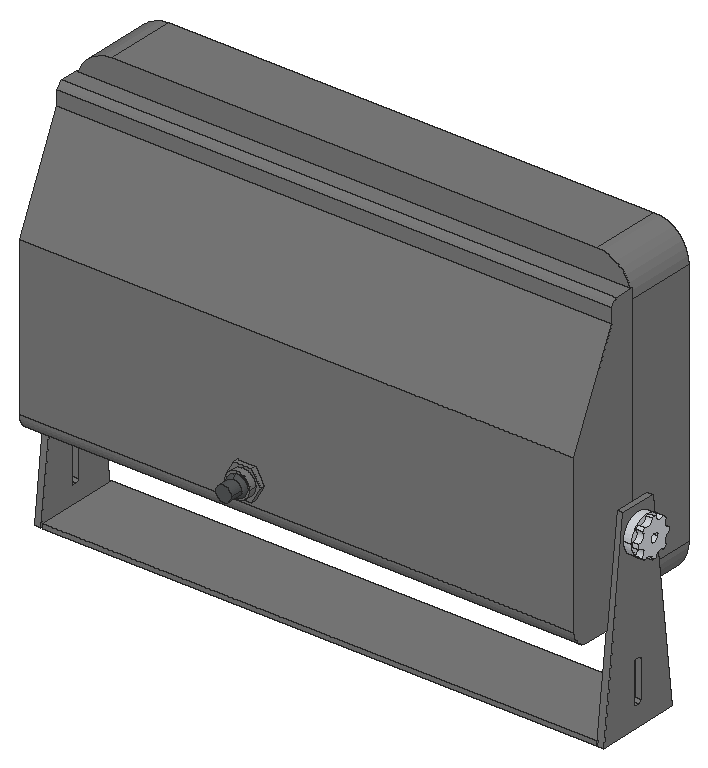
Revit family "WALL WASHER PRO_LV363WW", category Luminarias, Revit 2019
Family settings
  Cota de conector redondo = Diámetro de uso
  Tipo de pieza = Normal
  Se basa en plano de trabajo = Sí
  Siempre vertical = No
  Corte con vacíos al cargar = No
  Origen de luz = Sí
  Compartido = No
  Punto de cálculo de habitación = No
Parameters (values of type "REFL_LV363WW.2545")
  Ángulo de inclinación = 30.00°
  Zone [instance] = ""
  Watt per fixture = 108
  Wattage = 108 W
  built-in parameter 1150107 = 3000 (stored number, unit not read)
  built-in parameter 1150110 = 1 (stored number, unit not read)
  built-in parameter 1150109 = 1 (stored number, unit not read)
  built-in parameter 1150112 = 1 (stored number, unit not read)
  built-in parameter 1150113 = 1 (stored number, unit not read)
  built-in parameter 1114218 = 1 (stored number, unit not read)
  Keynote = ""
  built-in parameter 1150137 = (empty or 0)
  built-in parameter 1150132 = (empty or 0)
  Modelo = "LV363WW.2545"
  Lámpara = "CREE"
  built-in parameter 1150105 = 436.85 (stored number, unit not read)
  built-in parameter 1150102 = (empty or 0)
  built-in parameter 1150106 = 4.3685 (stored number, unit not read)
  Lumens = 5489.64 lm
  Color Filter = 16777215
  built-in parameter 1114217 = 1 (stored number, unit not read)
  built-in parameter 1150139 = (empty or 0)
  Fabricante = "BRILLANT"
  Default Elevation = 0 mm
  built-in parameter 1150104 = 4.7223 (stored number, unit not read)
  Descripción = "LUMINARIA TIPO REFLECTOR MONOCROMATICO, WALL WASHER , CUERPO EN ALUMINIO FUNDIDO A PRESION CON UN PESO DE 10.4KG, CON 453MM DE LARGO POR 333MM DE ALTURA POR 114MM DE ESPESOR, CUENTA CON 36 LED TIPO CREE CON UN CONSUMO TOTAL DE 108W, 5490 LUMENES , IP 66,  CABLE H07RN DE 1.5M, APERTURA ELIPTICA DE 25X45 GRADOS POR PROYECTO, ALIMENTADA A 90-277V."
  built-in parameter 1150115 = 1 (stored number, unit not read)
  built-in parameter 1150114 = 1 (stored number, unit not read)
  Comentarios de vataje = "90-277V"
  built-in parameter 1150138 = (empty or 0)
  built-in parameter 1150134 = (empty or 0)
  Circuit [instance] = ""
  Dimming Lamp Color Temperature Shift = 1
  Archivo de red fotométrica = "LV363WW_25X45.IES"
  built-in parameter 1150133 = 10 (stored number, unit not read)
Reference planes
  plane 1 "Centro (Frontal/Posterior)": y = 0
  plane 2: z = 0
  plane 3 "Centro (Izquierda/Derecha)": x = 0
  plane 4: x = -226.5
  plane 5: x = 226.5
  plane 6: z = 333
  plane 7: x = 0
  plane 8: y = 57
  plane 9: y = -57
  plane 10 "IZQ": x = -39.253
Forms (mm)
  Extrusion 1, solid, material "Aluminio"
    sketch origin (0, 0, 0) x (0, 1, 0) y (0, 0, 1)
      loop
        arc (-15, 311.344) -> (-17.857, 309.228) -> (-19.973, 306.371) r 12.072
        line (-19.973, 306.371) -> (-19.973, 295.012) -> (-57, 215.607) -> (-57, 90.801)
        arc (-57, 90.801) -> (-53.222, 81.679) -> (-44.099, 77.901) r 12.901
        line (-44.099, 77.901) -> (0, 77.901) -> (0, 311.344) -> (-15, 311.344)
    from -219.911 to 221.5
  Extrusion 2, solid, material "Aluminio"
    sketch origin (0, 0, 0) x (0, 1, 0) y (0, 0, -1)
      loop
        line (34.275, 0) -> (-34.275, 0) -> (-14.671, -159.662) -> (14.671, -159.662) -> (34.275, 0)
      loop
        line (-1.599, -49.837) -> (1.599, -49.837)
        arc (1.599, -49.837) -> (3.167, -49.187) -> (3.816, -47.62) r 2.217
        line (3.816, -47.62) -> (3.816, -18.226)
        arc (3.816, -18.226) -> (3.167, -16.658) -> (1.599, -16.009) r 2.217
        line (1.599, -16.009) -> (-1.599, -16.009)
        arc (-1.599, -16.009) -> (-3.167, -16.658) -> (-3.816, -18.226) r 2.217
        line (-3.816, -18.226) -> (-3.816, -47.62)
        arc (-3.816, -47.62) -> (-3.167, -49.187) -> (-1.599, -49.837) r 2.217
    from -226.5 to -221.5
  Extrusion 3, solid, material "Aluminio"
    sketch origin (0, 0, 0) x (1, 0, 0) y (0, 1, 0)
      loop
        line (-219.911, 35) -> (-219.911, -34.275) -> (221.5, -34.275) -> (221.5, 35) -> (-219.911, 35)
    from 0 to 3.546
  Revolve 4, solid
    sketch origin (-190.028, -248.577, 269.956) x (-1, 0, 0) y (0, -1, 0)
      loop
        line (-30.028, -289.911) -> (-30.028, -286.113) -> (-40.845, -286.113)
        arc (-40.845, -286.113) -> (-35.744, -288.888) -> (-30.028, -289.911) r 18.17
      axis (-30.028, -286.113) -> (-30.028, -289.911)
    angle from 0 to 360
  Extrusion 5, solid
    sketch origin (-19.132, 0, -2.987) x (0, 1, 0) y (0, 0, -1)
      loop
        circle (0, -142.5) r 15
    from 207.368 to 214.676
  Extrusion 6, solid
    sketch origin (-19.132, 0, -81.925) x (0, 1, 0) y (0, 0, 1)
      loop
        arc (14.911, 219.803) -> (15, 221.438) -> (14.911, 223.073) r 15
        arc (14.911, 223.073) -> (10.77, 225.899) -> (11.7, 230.825) r 4.579
        arc (11.7, 230.825) -> (10.607, 232.045) -> (9.387, 233.138) r 15
        arc (9.387, 233.138) -> (4.461, 232.208) -> (1.635, 236.349) r 4.579
        arc (1.635, 236.349) -> (0, 236.438) -> (-1.635, 236.349) r 15
        arc (-1.635, 236.349) -> (-4.461, 232.208) -> (-9.387, 233.138) r 4.579
        arc (-9.387, 233.138) -> (-10.607, 232.045) -> (-11.7, 230.825) r 15
        arc (-11.7, 230.825) -> (-10.77, 225.899) -> (-14.911, 223.073) r 4.579
        arc (-14.911, 223.073) -> (-15, 221.438) -> (-14.911, 219.803) r 15
        arc (-14.911, 219.803) -> (-10.77, 216.977) -> (-11.7, 212.051) r 4.579
        arc (-11.7, 212.051) -> (-10.607, 210.832) -> (-9.387, 209.739) r 15
        arc (-9.387, 209.739) -> (-4.461, 210.669) -> (-1.635, 206.528) r 4.579
        arc (-1.635, 206.528) -> (0, 206.438) -> (1.635, 206.528) r 15
        arc (1.635, 206.528) -> (4.461, 210.669) -> (9.387, 209.739) r 4.579
        arc (9.387, 209.739) -> (10.607, 210.832) -> (11.7, 212.051) r 15
        arc (11.7, 212.051) -> (10.77, 216.977) -> (14.911, 219.803) r 4.579
      loop
        circle (0, 221.438) r 3.632
    from -220.417 to -214.676
  Extrusion 7, solid
    sketch origin (19.132, 0, -2.987) x (0, 1, 0) y (0, 0, 1)
      loop
        circle (0, 142.5) r 15
    from 207.368 to 214.676
  Extrusion 8, solid
    sketch origin (19.132, 0, -81.925) x (0, 1, 0) y (0, 0, -1)
      loop
        arc (14.911, -219.803) -> (10.77, -216.977) -> (11.7, -212.051) r 4.579
        arc (11.7, -212.051) -> (10.607, -210.832) -> (9.387, -209.739) r 15
        arc (9.387, -209.739) -> (4.461, -210.669) -> (1.635, -206.528) r 4.579
        arc (1.635, -206.528) -> (0, -206.438) -> (-1.635, -206.528) r 15
        arc (-1.635, -206.528) -> (-4.461, -210.669) -> (-9.387, -209.739) r 4.579
        arc (-9.387, -209.739) -> (-10.607, -210.832) -> (-11.7, -212.051) r 15
        arc (-11.7, -212.051) -> (-10.77, -216.977) -> (-14.911, -219.803) r 4.579
        arc (-14.911, -219.803) -> (-15, -221.438) -> (-14.911, -223.073) r 15
        arc (-14.911, -223.073) -> (-10.77, -225.899) -> (-11.7, -230.825) r 4.579
        arc (-11.7, -230.825) -> (-10.607, -232.045) -> (-9.387, -233.138) r 15
        arc (-9.387, -233.138) -> (-4.461, -232.208) -> (-1.635, -236.349) r 4.579
        arc (-1.635, -236.349) -> (0, -236.438) -> (1.635, -236.349) r 15
        arc (1.635, -236.349) -> (4.461, -232.208) -> (9.387, -233.138) r 4.579
        arc (9.387, -233.138) -> (10.607, -232.045) -> (11.7, -230.825) r 15
        arc (11.7, -230.825) -> (10.77, -225.899) -> (14.911, -223.073) r 4.579
        arc (14.911, -223.073) -> (15, -221.438) -> (14.911, -219.803) r 15
      loop
        circle (0, -221.438) r 3.632
    from -220.417 to -214.676
  Revolve 9, solid
    sketch origin (129.972, -248.577, 269.956) x (-1, 0, 0) y (0, -1, 0)
      loop
        line (-30.028, -289.911) -> (-30.028, -286.113) -> (-40.845, -286.113)
        arc (-40.845, -286.113) -> (-35.744, -288.888) -> (-30.028, -289.911) r 18.17
      axis (-30.028, -286.113) -> (-30.028, -289.911)
    angle from 0 to 360
  Revolve 10, solid
    sketch origin (-158.028, -248.577, 269.956) x (-1, 0, 0) y (0, -1, 0)
      loop
        line (-30.028, -289.911) -> (-30.028, -286.113) -> (-40.845, -286.113)
        arc (-40.845, -286.113) -> (-35.744, -288.888) -> (-30.028, -289.911) r 18.17
      axis (-30.028, -286.113) -> (-30.028, -289.911)
    angle from 0 to 360
  Revolve 11, solid
    sketch origin (-126.028, -248.577, 269.956) x (-1, 0, 0) y (0, -1, 0)
      loop
        line (-30.028, -289.911) -> (-30.028, -286.113) -> (-40.845, -286.113)
        arc (-40.845, -286.113) -> (-35.744, -288.888) -> (-30.028, -289.911) r 18.17
      axis (-30.028, -286.113) -> (-30.028, -289.911)
    angle from 0 to 360
  Revolve 12, solid
    sketch origin (-94.028, -248.577, 269.956) x (-1, 0, 0) y (0, -1, 0)
      loop
        line (-30.028, -289.911) -> (-30.028, -286.113) -> (-40.845, -286.113)
        arc (-40.845, -286.113) -> (-35.744, -288.888) -> (-30.028, -289.911) r 18.17
      axis (-30.028, -286.113) -> (-30.028, -289.911)
    angle from 0 to 360
  Revolve 13, solid
    sketch origin (-62.028, -248.577, 269.956) x (-1, 0, 0) y (0, -1, 0)
      loop
        line (-30.028, -289.911) -> (-30.028, -286.113) -> (-40.845, -286.113)
        arc (-40.845, -286.113) -> (-35.744, -288.888) -> (-30.028, -289.911) r 18.17
      axis (-30.028, -286.113) -> (-30.028, -289.911)
    angle from 0 to 360
  Revolve 14, solid
    sketch origin (-30.028, -248.577, 269.956) x (-1, 0, 0) y (0, -1, 0)
      loop
        line (-30.028, -289.911) -> (-30.028, -286.113) -> (-40.845, -286.113)
        arc (-40.845, -286.113) -> (-35.744, -288.888) -> (-30.028, -289.911) r 18.17
      axis (-30.028, -286.113) -> (-30.028, -289.911)
    angle from 0 to 360
  Revolve 15, solid
    sketch origin (1.972, -248.577, 269.956) x (-1, 0, 0) y (0, -1, 0)
      loop
        line (-30.028, -289.911) -> (-30.028, -286.113) -> (-40.845, -286.113)
        arc (-40.845, -286.113) -> (-35.744, -288.888) -> (-30.028, -289.911) r 18.17
      axis (-30.028, -286.113) -> (-30.028, -289.911)
    angle from 0 to 360
  Revolve 16, solid
    sketch origin (33.972, -248.577, 269.956) x (-1, 0, 0) y (0, -1, 0)
      loop
        line (-30.028, -289.911) -> (-30.028, -286.113) -> (-40.845, -286.113)
        arc (-40.845, -286.113) -> (-35.744, -288.888) -> (-30.028, -289.911) r 18.17
      axis (-30.028, -286.113) -> (-30.028, -289.911)
    angle from 0 to 360
  Revolve 17, solid
    sketch origin (65.972, -248.577, 269.956) x (-1, 0, 0) y (0, -1, 0)
      loop
        line (-30.028, -289.911) -> (-30.028, -286.113) -> (-40.845, -286.113)
        arc (-40.845, -286.113) -> (-35.744, -288.888) -> (-30.028, -289.911) r 18.17
      axis (-30.028, -286.113) -> (-30.028, -289.911)
    angle from 0 to 360
  Revolve 18, solid
    sketch origin (97.972, -248.577, 269.956) x (-1, 0, 0) y (0, -1, 0)
      loop
        line (-30.028, -289.911) -> (-30.028, -286.113) -> (-40.845, -286.113)
        arc (-40.845, -286.113) -> (-35.744, -288.888) -> (-30.028, -289.911) r 18.17
      axis (-30.028, -286.113) -> (-30.028, -289.911)
    angle from 0 to 360
  Revolve 19, solid
    sketch origin (-190.028, -248.577, 229.956) x (-1, 0, 0) y (0, -1, 0)
      loop
        line (-30.028, -289.911) -> (-30.028, -286.113) -> (-40.845, -286.113)
        arc (-40.845, -286.113) -> (-35.744, -288.888) -> (-30.028, -289.911) r 18.17
      axis (-30.028, -286.113) -> (-30.028, -289.911)
    angle from 0 to 360
  Revolve 20, solid
    sketch origin (129.972, -248.577, 229.956) x (-1, 0, 0) y (0, -1, 0)
      loop
        line (-30.028, -289.911) -> (-30.028, -286.113) -> (-40.845, -286.113)
        arc (-40.845, -286.113) -> (-35.744, -288.888) -> (-30.028, -289.911) r 18.17
      axis (-30.028, -286.113) -> (-30.028, -289.911)
    angle from 0 to 360
  Revolve 21, solid
    sketch origin (-158.028, -248.577, 229.956) x (-1, 0, 0) y (0, -1, 0)
      loop
        line (-30.028, -289.911) -> (-30.028, -286.113) -> (-40.845, -286.113)
        arc (-40.845, -286.113) -> (-35.744, -288.888) -> (-30.028, -289.911) r 18.17
      axis (-30.028, -286.113) -> (-30.028, -289.911)
    angle from 0 to 360
  Revolve 22, solid
    sketch origin (-126.028, -248.577, 229.956) x (-1, 0, 0) y (0, -1, 0)
      loop
        line (-30.028, -289.911) -> (-30.028, -286.113) -> (-40.845, -286.113)
        arc (-40.845, -286.113) -> (-35.744, -288.888) -> (-30.028, -289.911) r 18.17
      axis (-30.028, -286.113) -> (-30.028, -289.911)
    angle from 0 to 360
  Revolve 23, solid
    sketch origin (-94.028, -248.577, 229.956) x (-1, 0, 0) y (0, -1, 0)
      loop
        line (-30.028, -289.911) -> (-30.028, -286.113) -> (-40.845, -286.113)
        arc (-40.845, -286.113) -> (-35.744, -288.888) -> (-30.028, -289.911) r 18.17
      axis (-30.028, -286.113) -> (-30.028, -289.911)
    angle from 0 to 360
  Revolve 24, solid
    sketch origin (-62.028, -248.577, 229.956) x (-1, 0, 0) y (0, -1, 0)
      loop
        line (-30.028, -289.911) -> (-30.028, -286.113) -> (-40.845, -286.113)
        arc (-40.845, -286.113) -> (-35.744, -288.888) -> (-30.028, -289.911) r 18.17
      axis (-30.028, -286.113) -> (-30.028, -289.911)
    angle from 0 to 360
  Revolve 25, solid
    sketch origin (-30.028, -248.577, 229.956) x (-1, 0, 0) y (0, -1, 0)
      loop
        line (-30.028, -289.911) -> (-30.028, -286.113) -> (-40.845, -286.113)
        arc (-40.845, -286.113) -> (-35.744, -288.888) -> (-30.028, -289.911) r 18.17
      axis (-30.028, -286.113) -> (-30.028, -289.911)
    angle from 0 to 360
  Revolve 26, solid
    sketch origin (1.972, -248.577, 229.956) x (-1, 0, 0) y (0, -1, 0)
      loop
        line (-30.028, -289.911) -> (-30.028, -286.113) -> (-40.845, -286.113)
        arc (-40.845, -286.113) -> (-35.744, -288.888) -> (-30.028, -289.911) r 18.17
      axis (-30.028, -286.113) -> (-30.028, -289.911)
    angle from 0 to 360
  Revolve 27, solid
    sketch origin (33.972, -248.577, 229.956) x (-1, 0, 0) y (0, -1, 0)
      loop
        line (-30.028, -289.911) -> (-30.028, -286.113) -> (-40.845, -286.113)
        arc (-40.845, -286.113) -> (-35.744, -288.888) -> (-30.028, -289.911) r 18.17
      axis (-30.028, -286.113) -> (-30.028, -289.911)
    angle from 0 to 360
  Revolve 28, solid
    sketch origin (65.972, -248.577, 229.956) x (-1, 0, 0) y (0, -1, 0)
      loop
        line (-30.028, -289.911) -> (-30.028, -286.113) -> (-40.845, -286.113)
        arc (-40.845, -286.113) -> (-35.744, -288.888) -> (-30.028, -289.911) r 18.17
      axis (-30.028, -286.113) -> (-30.028, -289.911)
    angle from 0 to 360
  Revolve 29, solid
    sketch origin (97.972, -248.577, 229.956) x (-1, 0, 0) y (0, -1, 0)
      loop
        line (-30.028, -289.911) -> (-30.028, -286.113) -> (-40.845, -286.113)
        arc (-40.845, -286.113) -> (-35.744, -288.888) -> (-30.028, -289.911) r 18.17
      axis (-30.028, -286.113) -> (-30.028, -289.911)
    angle from 0 to 360
  Revolve 30, solid
    sketch origin (-190.028, -248.577, 189.956) x (-1, 0, 0) y (0, -1, 0)
      loop
        line (-30.028, -289.911) -> (-30.028, -286.113) -> (-40.845, -286.113)
        arc (-40.845, -286.113) -> (-35.744, -288.888) -> (-30.028, -289.911) r 18.17
      axis (-30.028, -286.113) -> (-30.028, -289.911)
    angle from 0 to 360
  Revolve 31, solid
    sketch origin (129.972, -248.577, 189.956) x (-1, 0, 0) y (0, -1, 0)
      loop
        line (-30.028, -289.911) -> (-30.028, -286.113) -> (-40.845, -286.113)
        arc (-40.845, -286.113) -> (-35.744, -288.888) -> (-30.028, -289.911) r 18.17
      axis (-30.028, -286.113) -> (-30.028, -289.911)
    angle from 0 to 360
  Revolve 32, solid
    sketch origin (-158.028, -248.577, 189.956) x (-1, 0, 0) y (0, -1, 0)
      loop
        line (-30.028, -289.911) -> (-30.028, -286.113) -> (-40.845, -286.113)
        arc (-40.845, -286.113) -> (-35.744, -288.888) -> (-30.028, -289.911) r 18.17
      axis (-30.028, -286.113) -> (-30.028, -289.911)
    angle from 0 to 360
  Revolve 33, solid
    sketch origin (-126.028, -248.577, 189.956) x (-1, 0, 0) y (0, -1, 0)
      loop
        line (-30.028, -289.911) -> (-30.028, -286.113) -> (-40.845, -286.113)
        arc (-40.845, -286.113) -> (-35.744, -288.888) -> (-30.028, -289.911) r 18.17
      axis (-30.028, -286.113) -> (-30.028, -289.911)
    angle from 0 to 360
  Revolve 34, solid
    sketch origin (-94.028, -248.577, 189.956) x (-1, 0, 0) y (0, -1, 0)
      loop
        line (-30.028, -289.911) -> (-30.028, -286.113) -> (-40.845, -286.113)
        arc (-40.845, -286.113) -> (-35.744, -288.888) -> (-30.028, -289.911) r 18.17
      axis (-30.028, -286.113) -> (-30.028, -289.911)
    angle from 0 to 360
  Revolve 35, solid
    sketch origin (-62.028, -248.577, 189.956) x (-1, 0, 0) y (0, -1, 0)
      loop
        line (-30.028, -289.911) -> (-30.028, -286.113) -> (-40.845, -286.113)
        arc (-40.845, -286.113) -> (-35.744, -288.888) -> (-30.028, -289.911) r 18.17
      axis (-30.028, -286.113) -> (-30.028, -289.911)
    angle from 0 to 360
  Revolve 36, solid
    sketch origin (-30.028, -248.577, 189.956) x (-1, 0, 0) y (0, -1, 0)
      loop
        line (-30.028, -289.911) -> (-30.028, -286.113) -> (-40.845, -286.113)
        arc (-40.845, -286.113) -> (-35.744, -288.888) -> (-30.028, -289.911) r 18.17
      axis (-30.028, -286.113) -> (-30.028, -289.911)
    angle from 0 to 360
  Revolve 37, solid
    sketch origin (1.972, -248.577, 189.956) x (-1, 0, 0) y (0, -1, 0)
      loop
        line (-30.028, -289.911) -> (-30.028, -286.113) -> (-40.845, -286.113)
        arc (-40.845, -286.113) -> (-35.744, -288.888) -> (-30.028, -289.911) r 18.17
      axis (-30.028, -286.113) -> (-30.028, -289.911)
    angle from 0 to 360
  Revolve 38, solid
    sketch origin (33.972, -248.577, 189.956) x (-1, 0, 0) y (0, -1, 0)
      loop
        line (-30.028, -289.911) -> (-30.028, -286.113) -> (-40.845, -286.113)
        arc (-40.845, -286.113) -> (-35.744, -288.888) -> (-30.028, -289.911) r 18.17
      axis (-30.028, -286.113) -> (-30.028, -289.911)
    angle from 0 to 360
  Revolve 39, solid
    sketch origin (65.972, -248.577, 189.956) x (-1, 0, 0) y (0, -1, 0)
      loop
        line (-30.028, -289.911) -> (-30.028, -286.113) -> (-40.845, -286.113)
        arc (-40.845, -286.113) -> (-35.744, -288.888) -> (-30.028, -289.911) r 18.17
      axis (-30.028, -286.113) -> (-30.028, -289.911)
    angle from 0 to 360
  Revolve 40, solid
    sketch origin (97.972, -248.577, 189.956) x (-1, 0, 0) y (0, -1, 0)
      loop
        line (-30.028, -289.911) -> (-30.028, -286.113) -> (-40.845, -286.113)
        arc (-40.845, -286.113) -> (-35.744, -288.888) -> (-30.028, -289.911) r 18.17
      axis (-30.028, -286.113) -> (-30.028, -289.911)
    angle from 0 to 360
  Revolve 41, solid
    sketch origin (-47.023, -248.577, 137.648) x (-1, 0, 0) y (0, -1, 0)
      loop
        line (-30.028, -289.911) -> (-30.028, -286.113) -> (-36.879, -286.113)
        arc (-36.879, -286.113) -> (-33.928, -288.868) -> (-30.028, -289.911) r 8.331
      axis (-30.028, -286.113) -> (-30.028, -289.911)
    angle from 0 to 360
  Revolve 42, solid
    sketch origin (-69.28, -248.577, 137.648) x (-1, 0, 0) y (0, -1, 0)
      loop
        line (-30.028, -289.911) -> (-30.028, -286.113) -> (-36.879, -286.113)
        arc (-36.879, -286.113) -> (-33.928, -288.868) -> (-30.028, -289.911) r 8.331
      axis (-30.028, -286.113) -> (-30.028, -289.911)
    angle from 0 to 360
  Revolve 43, solid
    sketch origin (47.023, -248.577, 137.648) x (1, 0, 0) y (0, 1, 0)
      loop
        arc (-30.028, 289.911) -> (-33.928, 288.868) -> (-36.879, 286.113) r 8.331
        line (-36.879, 286.113) -> (-30.028, 286.113) -> (-30.028, 289.911)
      axis (-30.028, 286.113) -> (-30.028, 289.911)
    angle from 0 to 360
  Revolve 44, solid
    sketch origin (69.28, -248.577, 137.648) x (1, 0, 0) y (0, 1, 0)
      loop
        arc (-30.028, 289.911) -> (-33.928, 288.868) -> (-36.879, 286.113) r 8.331
        line (-36.879, 286.113) -> (-30.028, 286.113) -> (-30.028, 289.911)
      axis (-30.028, 286.113) -> (-30.028, 289.911)
    angle from 0 to 360
  Extrusion 45, solid, material "Aluminio"
    sketch origin (0, 0, 0) x (0, 1, 0) y (0, 0, 1)
      loop
        line (34.275, 0) -> (14.671, 159.662) -> (-14.671, 159.662) -> (-34.275, 0) -> (34.275, 0)
      loop
        arc (-1.599, 49.837) -> (-3.167, 49.187) -> (-3.816, 47.62) r 2.217
        line (-3.816, 47.62) -> (-3.816, 18.226)
        arc (-3.816, 18.226) -> (-3.167, 16.658) -> (-1.599, 16.009) r 2.217
        line (-1.599, 16.009) -> (1.599, 16.009)
        arc (1.599, 16.009) -> (3.167, 16.658) -> (3.816, 18.226) r 2.217
        line (3.816, 18.226) -> (3.816, 47.62)
        arc (3.816, 47.62) -> (3.167, 49.187) -> (1.599, 49.837) r 2.217
        line (1.599, 49.837) -> (-1.599, 49.837)
    from -226.5 to -221.5
  Extrusion 46, solid, material "Aluminio"
    sketch origin (0, -3.816, 57.007) x (1, 0, 0) y (0, 0, 1)
      loop
        circle (-39.253, 51.253) r 10
    from 57 to 62.744
  Extrusion 47, solid, material "Aluminio"
    sketch origin (0, -3.816, 50.757) x (1, 0, 0) y (0, 0, 1)
      loop
        line (-46.239, 69.604) -> (-53.226, 57.503) -> (-46.239, 45.402) -> (-32.266, 45.402) -> (-25.28, 57.503) -> (-32.266, 69.604) -> (-46.239, 69.604)
    from 53.184 to 57
  Revolve 48, solid, material "Plastico"
    sketch origin (-39.253, -3.816, 50.757) x (0, 0, 1) y (0, -1, 0)
      loop
        line (57.503, 62.744) -> (65.76, 62.744)
        spline (65.76, 62.744) -> (65.69, 63.494) -> (65.479, 64.231) -> (65.132, 64.942) -> (64.654, 65.616) -> (64.054, 66.241) -> (63.342, 66.806) -> (62.53, 67.301) -> (61.632, 67.719) -> (60.663, 68.051) -> (59.64, 68.293) -> (58.581, 68.439) -> (57.503, 68.488)
        line (57.503, 68.488) -> (57.503, 62.744)
      axis (57.503, 62.744) -> (57.503, 68.488)
    angle from 0 to 360
  Extrusion 49, solid, material "Plastico"
    sketch origin (0, -3.816, 80.757) x (1, 0, 0) y (0, 0, 1)
      loop
        circle (-39.253, 27.503) r 6.192
    from 62.744 to 76.136
  Extrusion 50, solid, material "Aluminio"
    sketch origin (0, 0, 0) x (1, 0, 0) y (0, 0, 1)
      loop
        arc (-192.411, 330.5) -> (-211.856, 322.445) -> (-219.911, 303) r 27.5
        line (-219.911, 303) -> (-219.911, 105.401)
        arc (-219.911, 105.401) -> (-211.856, 85.955) -> (-192.411, 77.901) r 27.5
        line (-192.411, 77.901) -> (194, 77.901)
        arc (194, 77.901) -> (213.445, 85.955) -> (221.5, 105.401) r 27.5
        line (221.5, 105.401) -> (221.5, 303)
        arc (221.5, 303) -> (213.445, 322.445) -> (194, 330.5) r 27.5
        line (194, 330.5) -> (-192.411, 330.5)
      loop
        arc (-173.287, 311.344) -> (-190.963, 304.022) -> (-198.284, 286.347) r 24.997
        line (-198.284, 286.347) -> (-198.284, 130.402)
        arc (-198.284, 130.402) -> (-190.963, 112.726) -> (-173.287, 105.405) r 24.997
        line (-173.287, 105.405) -> (173.269, 105.405)
        arc (173.269, 105.405) -> (190.938, 112.724) -> (198.258, 130.394) r 24.989
        line (198.258, 130.394) -> (198.258, 286.36)
        arc (198.258, 286.36) -> (190.94, 304.026) -> (173.273, 311.344) r 24.984
        line (173.273, 311.344) -> (-173.287, 311.344)
    from -57 to 0
  Extrusion 51, solid, material "Cristal"
    sketch origin (0, 0, 0) x (1, 0, 0) y (0, 0, 1)
      loop
        arc (-170.787, 311.343) -> (-188.463, 304.022) -> (-195.784, 286.347) r 24.997
        line (-195.784, 286.347) -> (-195.784, 132.902)
        arc (-195.784, 132.902) -> (-188.463, 115.227) -> (-170.787, 107.906) r 24.996
        line (-170.787, 107.906) -> (170.771, 107.906)
        arc (170.771, 107.906) -> (188.445, 115.226) -> (195.765, 132.9) r 24.994
        line (195.765, 132.9) -> (195.765, 286.348)
        arc (195.765, 286.348) -> (188.444, 304.022) -> (170.77, 311.343) r 24.995
        line (170.77, 311.343) -> (-170.787, 311.343)
    from -57 to -54.932
Dimensions and locks
  equal spacing: plane 4, plane 3 "Centro (Izquierda/Derecha)", plane 5
  plane 4 to plane 5 = 453 mm
  plane 4 to plane 3 "Centro (Izquierda/Derecha)" = 226.5 mm
  plane 6 to plane 2 = 333 mm
  plane 6 to level = 333 mm
  plane 5 to plane 4 = 453 mm
  equal spacing: plane 9, plane 1 "Centro (Frontal/Posterior)", plane 8
  plane 9 to plane 8 = 114 mm
  plane 9 to plane 1 "Centro (Frontal/Posterior)" = 57 mm
  Extrusion 3 to Extrusion 3 = 3.546 mm
  Extrusion 2 to Extrusion 2 = 5 mm
  plane 3 "Centro (Izquierda/Derecha)" to plane 4 = 226.5 mm
  aligned and locked: level to plane 2
  aligned and locked: plane 5 to Extrusion 2
  aligned and locked: Extrusion 49 to Revolve 48
  aligned and locked: Extrusion 46 to Revolve 48
  aligned and locked: Extrusion 50 sketch curve to Extrusion 1  (x3)
  aligned and locked: Extrusion 50 to plane 8
Automatic sketch dimensions
  Extrusion 1 sketch curve to plane 9 = 0 mm
  Extrusion 1 sketch curve to plane 6 = 21.656 mm
  Extrusion 1 sketch curve to plane 1 "Centro (Frontal/Posterior)" = 0 mm
  plane 9 to Extrusion 1 sketch curve = 12.901 mm
  plane 1 "Centro (Frontal/Posterior)" to Extrusion 1 sketch curve = 19.973 mm
  Extrusion 1 sketch curve to Extrusion 1 sketch curve = 4.973 mm
  plane 1 "Centro (Frontal/Posterior)" to Extrusion 1 sketch curve = 9.321 mm
  Extrusion 1 sketch curve to plane 6 = 26.629 mm
  Extrusion 1 sketch curve to Extrusion 1 sketch curve = 11.359 mm
  Extrusion 1 sketch curve to Extrusion 1 sketch curve = 79.405 mm
  level to Extrusion 1 sketch curve = 90.801 mm
  Extrusion 2 sketch curve to level = 0 mm
  plane 9 to Extrusion 2 sketch curve = 22.725 mm
  plane 1 "Centro (Frontal/Posterior)" to Extrusion 2 sketch curve = 14.671 mm
  plane 1 "Centro (Frontal/Posterior)" to Extrusion 2 sketch curve = 3.816 mm
  plane 1 "Centro (Frontal/Posterior)" to Extrusion 2 sketch curve = 1.599 mm  (x2)
  Extrusion 2 sketch curve to plane 1 "Centro (Frontal/Posterior)" = 1.599 mm  (x2)
  Extrusion 2 sketch curve to Extrusion 2 sketch curve = 2.217 mm
  Extrusion 2 sketch curve to plane 1 "Centro (Frontal/Posterior)" = 14.671 mm
  plane 8 to Extrusion 2 sketch curve = 22.725 mm
  level to Extrusion 2 sketch curve = 16.009 mm
  Extrusion 2 sketch curve to Extrusion 2 sketch curve = 29.393 mm
  Extrusion 2 sketch curve to Extrusion 2 sketch curve = 109.825 mm
  plane 9 to Extrusion 3 sketch curve = 22.725 mm
  plane 8 to Extrusion 3 sketch curve = 22 mm
  plane 8 to Revolve 4 sketch curve = 19.464 mm
  plane 4 to Revolve 4 sketch curve = 77.318 mm
  Revolve 4 sketch curve to Revolve 4 sketch curve = 10.818 mm
  Revolve 4 sketch curve to Revolve 4 sketch curve = 0.303 mm
  Revolve 4 sketch curve to Revolve 4 sketch curve = 3.798 mm
  Revolve 4 sketch curve to Revolve 4 sketch curve = 0 mm
  Revolve 4 sketch curve to Revolve 4 sketch curve = 1.294 mm
  Revolve 4 sketch curve to plane 8 = 13.163 mm
  Extrusion 5 sketch curve to plane 1 "Centro (Frontal/Posterior)" = 0 mm
  level to Extrusion 5 sketch curve = 139.513 mm
  Extrusion 6 sketch curve to Extrusion 6 sketch curve = 0 mm  (x77)
  Extrusion 6 sketch curve to plane 1 "Centro (Frontal/Posterior)" = 0 mm
  plane 1 "Centro (Frontal/Posterior)" to Extrusion 6 sketch curve = 6.213 mm  (x2)
  Extrusion 6 sketch curve to Extrusion 6 sketch curve = 8.787 mm  (x5)
  Extrusion 6 sketch curve to plane 1 "Centro (Frontal/Posterior)" = 6.213 mm  (x2)
  level to Extrusion 6 sketch curve = 124.513 mm
  Extrusion 6 sketch curve to Extrusion 6 sketch curve = 15 mm
  Extrusion 6 sketch curve to Extrusion 6 sketch curve = 12.426 mm  (x2)
  plane 1 "Centro (Frontal/Posterior)" to Extrusion 6 sketch curve = 1.635 mm  (x2)
  Extrusion 6 sketch curve to Extrusion 6 sketch curve = 3.174 mm  (x4)
  Extrusion 6 sketch curve to Extrusion 6 sketch curve = 2.312 mm  (x4)
  Extrusion 6 sketch curve to Extrusion 6 sketch curve = 0.089 mm  (x3)
  Extrusion 6 sketch curve to plane 1 "Centro (Frontal/Posterior)" = 1.635 mm  (x2)
  Extrusion 7 sketch curve to plane 1 "Centro (Frontal/Posterior)" = 0 mm
  level to Extrusion 7 sketch curve = 139.513 mm
  Extrusion 8 sketch curve to Extrusion 8 sketch curve = 0 mm  (x77)
  Extrusion 8 sketch curve to plane 1 "Centro (Frontal/Posterior)" = 0 mm
  plane 1 "Centro (Frontal/Posterior)" to Extrusion 8 sketch curve = 6.213 mm  (x2)
  Extrusion 8 sketch curve to Extrusion 8 sketch curve = 8.787 mm  (x5)
  Extrusion 8 sketch curve to plane 1 "Centro (Frontal/Posterior)" = 6.213 mm  (x2)
  level to Extrusion 8 sketch curve = 154.513 mm
  Extrusion 8 sketch curve to Extrusion 8 sketch curve = 15 mm
  Extrusion 8 sketch curve to Extrusion 8 sketch curve = 12.426 mm  (x2)
  plane 1 "Centro (Frontal/Posterior)" to Extrusion 8 sketch curve = 1.635 mm  (x2)
  Extrusion 8 sketch curve to Extrusion 8 sketch curve = 3.174 mm  (x4)
  Extrusion 8 sketch curve to Extrusion 8 sketch curve = 2.312 mm  (x4)
  Extrusion 8 sketch curve to Extrusion 8 sketch curve = 0.089 mm  (x3)
  Extrusion 8 sketch curve to plane 1 "Centro (Frontal/Posterior)" = 1.635 mm  (x2)
  plane 8 to Revolve 9 sketch curve = 19.464 mm
  Revolve 9 sketch curve to plane 5 = 55.682 mm
  Revolve 9 sketch curve to Revolve 9 sketch curve = 10.818 mm
  Revolve 9 sketch curve to Revolve 9 sketch curve = 0.303 mm
  Revolve 9 sketch curve to Revolve 9 sketch curve = 3.798 mm
  Revolve 9 sketch curve to Revolve 9 sketch curve = 0 mm
  Revolve 9 sketch curve to Revolve 9 sketch curve = 1.294 mm
  Revolve 9 sketch curve to plane 8 = 13.163 mm
  plane 8 to Revolve 10 sketch curve = 19.464 mm
  Revolve 10 sketch curve to plane 10 "IZQ" = 77.929 mm
  Revolve 10 sketch curve to Revolve 10 sketch curve = 10.818 mm
  Revolve 10 sketch curve to Revolve 10 sketch curve = 0.303 mm
  Revolve 10 sketch curve to Revolve 10 sketch curve = 3.798 mm
  Revolve 10 sketch curve to Revolve 10 sketch curve = 0 mm
  Revolve 10 sketch curve to Revolve 10 sketch curve = 1.294 mm
  Revolve 10 sketch curve to plane 8 = 13.163 mm
  plane 8 to Revolve 11 sketch curve = 19.464 mm
  Revolve 11 sketch curve to plane 10 "IZQ" = 45.929 mm
  Revolve 11 sketch curve to Revolve 11 sketch curve = 10.818 mm
  Revolve 11 sketch curve to Revolve 11 sketch curve = 0.303 mm
  Revolve 11 sketch curve to Revolve 11 sketch curve = 3.798 mm
  Revolve 11 sketch curve to Revolve 11 sketch curve = 0 mm
  Revolve 11 sketch curve to Revolve 11 sketch curve = 1.294 mm
  Revolve 11 sketch curve to plane 8 = 13.163 mm
  Revolve 12 sketch curve to plane 10 "IZQ" = 13.929 mm
  Revolve 12 sketch curve to Revolve 12 sketch curve = 10.818 mm
  Revolve 12 sketch curve to Revolve 12 sketch curve = 0.303 mm
  plane 8 to Revolve 12 sketch curve = 15.666 mm
  Revolve 12 sketch curve to Revolve 12 sketch curve = 3.798 mm
  Revolve 12 sketch curve to Revolve 12 sketch curve = 0 mm
  Revolve 12 sketch curve to Revolve 12 sketch curve = 1.294 mm
  Revolve 12 sketch curve to plane 8 = 13.163 mm
  plane 10 "IZQ" to Revolve 13 sketch curve = 18.071 mm
  plane 10 "IZQ" to Revolve 13 sketch curve = 7.253 mm
  plane 10 "IZQ" to Revolve 13 sketch curve = 6.95 mm
  plane 8 to Revolve 13 sketch curve = 15.666 mm
  Revolve 13 sketch curve to Revolve 13 sketch curve = 3.798 mm
  Revolve 13 sketch curve to Revolve 13 sketch curve = 0 mm
  Revolve 13 sketch curve to Revolve 13 sketch curve = 1.294 mm
  Revolve 13 sketch curve to plane 8 = 13.163 mm
  Revolve 14 sketch curve to plane 3 "Centro (Izquierda/Derecha)" = 0 mm  (x2)
  Revolve 14 sketch curve to Revolve 14 sketch curve = 10.818 mm
  Revolve 14 sketch curve to plane 3 "Centro (Izquierda/Derecha)" = 0.303 mm
  plane 8 to Revolve 14 sketch curve = 15.666 mm
  Revolve 14 sketch curve to Revolve 14 sketch curve = 3.798 mm
  Revolve 14 sketch curve to Revolve 14 sketch curve = 1.294 mm
  Revolve 14 sketch curve to plane 8 = 13.163 mm
  plane 8 to Revolve 15 sketch curve = 19.464 mm
  plane 3 "Centro (Izquierda/Derecha)" to Revolve 15 sketch curve = 42.818 mm
  Revolve 15 sketch curve to Revolve 15 sketch curve = 10.818 mm
  Revolve 15 sketch curve to Revolve 15 sketch curve = 0.303 mm
  Revolve 15 sketch curve to Revolve 15 sketch curve = 3.798 mm
  Revolve 15 sketch curve to Revolve 15 sketch curve = 0 mm
  Revolve 15 sketch curve to Revolve 15 sketch curve = 1.294 mm
  Revolve 15 sketch curve to plane 8 = 13.163 mm
  plane 8 to Revolve 16 sketch curve = 19.464 mm
  plane 3 "Centro (Izquierda/Derecha)" to Revolve 16 sketch curve = 74.818 mm
  Revolve 16 sketch curve to Revolve 16 sketch curve = 10.818 mm
  Revolve 16 sketch curve to Revolve 16 sketch curve = 0.303 mm
  Revolve 16 sketch curve to Revolve 16 sketch curve = 3.798 mm
  Revolve 16 sketch curve to Revolve 16 sketch curve = 0 mm
  Revolve 16 sketch curve to Revolve 16 sketch curve = 1.294 mm
  Revolve 16 sketch curve to plane 8 = 13.163 mm
  plane 8 to Revolve 17 sketch curve = 19.464 mm
  plane 3 "Centro (Izquierda/Derecha)" to Revolve 17 sketch curve = 106.818 mm
  Revolve 17 sketch curve to Revolve 17 sketch curve = 10.818 mm
  Revolve 17 sketch curve to Revolve 17 sketch curve = 0.303 mm
  Revolve 17 sketch curve to Revolve 17 sketch curve = 3.798 mm
  Revolve 17 sketch curve to Revolve 17 sketch curve = 0 mm
  Revolve 17 sketch curve to Revolve 17 sketch curve = 1.294 mm
  Revolve 17 sketch curve to plane 8 = 13.163 mm
  plane 8 to Revolve 18 sketch curve = 19.464 mm
  Revolve 18 sketch curve to plane 5 = 87.682 mm
  Revolve 18 sketch curve to Revolve 18 sketch curve = 10.818 mm
  Revolve 18 sketch curve to Revolve 18 sketch curve = 0.303 mm
  Revolve 18 sketch curve to Revolve 18 sketch curve = 3.798 mm
  Revolve 18 sketch curve to Revolve 18 sketch curve = 0 mm
  Revolve 18 sketch curve to Revolve 18 sketch curve = 1.294 mm
  Revolve 18 sketch curve to plane 8 = 13.163 mm
  plane 8 to Revolve 19 sketch curve = 19.464 mm
  plane 4 to Revolve 19 sketch curve = 77.318 mm
  Revolve 19 sketch curve to Revolve 19 sketch curve = 10.818 mm
  Revolve 19 sketch curve to Revolve 19 sketch curve = 0.303 mm
  Revolve 19 sketch curve to Revolve 19 sketch curve = 3.798 mm
  Revolve 19 sketch curve to Revolve 19 sketch curve = 0 mm
  Revolve 19 sketch curve to Revolve 19 sketch curve = 1.294 mm
  Revolve 19 sketch curve to plane 8 = 13.163 mm
  plane 8 to Revolve 20 sketch curve = 19.464 mm
  Revolve 20 sketch curve to plane 5 = 55.682 mm
  Revolve 20 sketch curve to Revolve 20 sketch curve = 10.818 mm
  Revolve 20 sketch curve to Revolve 20 sketch curve = 0.303 mm
  Revolve 20 sketch curve to Revolve 20 sketch curve = 3.798 mm
  Revolve 20 sketch curve to Revolve 20 sketch curve = 0 mm
  Revolve 20 sketch curve to Revolve 20 sketch curve = 1.294 mm
  Revolve 20 sketch curve to plane 8 = 13.163 mm
  plane 8 to Revolve 21 sketch curve = 19.464 mm
  Revolve 21 sketch curve to plane 10 "IZQ" = 77.929 mm
  Revolve 21 sketch curve to Revolve 21 sketch curve = 10.818 mm
  Revolve 21 sketch curve to Revolve 21 sketch curve = 0.303 mm
  Revolve 21 sketch curve to Revolve 21 sketch curve = 3.798 mm
  Revolve 21 sketch curve to Revolve 21 sketch curve = 0 mm
  Revolve 21 sketch curve to Revolve 21 sketch curve = 1.294 mm
  Revolve 21 sketch curve to plane 8 = 13.163 mm
  plane 8 to Revolve 22 sketch curve = 19.464 mm
  Revolve 22 sketch curve to plane 10 "IZQ" = 45.929 mm
  Revolve 22 sketch curve to Revolve 22 sketch curve = 10.818 mm
  Revolve 22 sketch curve to Revolve 22 sketch curve = 0.303 mm
  Revolve 22 sketch curve to Revolve 22 sketch curve = 3.798 mm
  Revolve 22 sketch curve to Revolve 22 sketch curve = 0 mm
  Revolve 22 sketch curve to Revolve 22 sketch curve = 1.294 mm
  Revolve 22 sketch curve to plane 8 = 13.163 mm
  Revolve 23 sketch curve to plane 10 "IZQ" = 13.929 mm
  Revolve 23 sketch curve to Revolve 23 sketch curve = 10.818 mm
  Revolve 23 sketch curve to Revolve 23 sketch curve = 0.303 mm
  plane 8 to Revolve 23 sketch curve = 15.666 mm
  Revolve 23 sketch curve to Revolve 23 sketch curve = 3.798 mm
  Revolve 23 sketch curve to Revolve 23 sketch curve = 0 mm
  Revolve 23 sketch curve to Revolve 23 sketch curve = 1.294 mm
  Revolve 23 sketch curve to plane 8 = 13.163 mm
  plane 10 "IZQ" to Revolve 24 sketch curve = 18.071 mm
  plane 10 "IZQ" to Revolve 24 sketch curve = 7.253 mm
  plane 10 "IZQ" to Revolve 24 sketch curve = 6.95 mm
  plane 8 to Revolve 24 sketch curve = 15.666 mm
  Revolve 24 sketch curve to Revolve 24 sketch curve = 3.798 mm
  Revolve 24 sketch curve to Revolve 24 sketch curve = 0 mm
  Revolve 24 sketch curve to Revolve 24 sketch curve = 1.294 mm
  Revolve 24 sketch curve to plane 8 = 13.163 mm
  Revolve 25 sketch curve to plane 3 "Centro (Izquierda/Derecha)" = 0 mm  (x2)
  Revolve 25 sketch curve to Revolve 25 sketch curve = 10.818 mm
  Revolve 25 sketch curve to plane 3 "Centro (Izquierda/Derecha)" = 0.303 mm
  plane 8 to Revolve 25 sketch curve = 15.666 mm
  Revolve 25 sketch curve to Revolve 25 sketch curve = 3.798 mm
  Revolve 25 sketch curve to Revolve 25 sketch curve = 1.294 mm
  Revolve 25 sketch curve to plane 8 = 13.163 mm
  plane 8 to Revolve 26 sketch curve = 19.464 mm
  plane 3 "Centro (Izquierda/Derecha)" to Revolve 26 sketch curve = 42.818 mm
  Revolve 26 sketch curve to Revolve 26 sketch curve = 10.818 mm
  Revolve 26 sketch curve to Revolve 26 sketch curve = 0.303 mm
  Revolve 26 sketch curve to Revolve 26 sketch curve = 3.798 mm
  Revolve 26 sketch curve to Revolve 26 sketch curve = 0 mm
  Revolve 26 sketch curve to Revolve 26 sketch curve = 1.294 mm
  Revolve 26 sketch curve to plane 8 = 13.163 mm
  plane 8 to Revolve 27 sketch curve = 19.464 mm
  plane 3 "Centro (Izquierda/Derecha)" to Revolve 27 sketch curve = 74.818 mm
  Revolve 27 sketch curve to Revolve 27 sketch curve = 10.818 mm
  Revolve 27 sketch curve to Revolve 27 sketch curve = 0.303 mm
  Revolve 27 sketch curve to Revolve 27 sketch curve = 3.798 mm
  Revolve 27 sketch curve to Revolve 27 sketch curve = 0 mm
  Revolve 27 sketch curve to Revolve 27 sketch curve = 1.294 mm
  Revolve 27 sketch curve to plane 8 = 13.163 mm
  plane 8 to Revolve 28 sketch curve = 19.464 mm
  plane 3 "Centro (Izquierda/Derecha)" to Revolve 28 sketch curve = 106.818 mm
  Revolve 28 sketch curve to Revolve 28 sketch curve = 10.818 mm
  Revolve 28 sketch curve to Revolve 28 sketch curve = 0.303 mm
  Revolve 28 sketch curve to Revolve 28 sketch curve = 3.798 mm
  Revolve 28 sketch curve to Revolve 28 sketch curve = 0 mm
  Revolve 28 sketch curve to Revolve 28 sketch curve = 1.294 mm
  Revolve 28 sketch curve to plane 8 = 13.163 mm
  plane 8 to Revolve 29 sketch curve = 19.464 mm
  Revolve 29 sketch curve to plane 5 = 87.682 mm
  Revolve 29 sketch curve to Revolve 29 sketch curve = 10.818 mm
  Revolve 29 sketch curve to Revolve 29 sketch curve = 0.303 mm
  Revolve 29 sketch curve to Revolve 29 sketch curve = 3.798 mm
  Revolve 29 sketch curve to Revolve 29 sketch curve = 0 mm
  Revolve 29 sketch curve to Revolve 29 sketch curve = 1.294 mm
  Revolve 29 sketch curve to plane 8 = 13.163 mm
  plane 8 to Revolve 30 sketch curve = 19.464 mm
  plane 4 to Revolve 30 sketch curve = 77.318 mm
  Revolve 30 sketch curve to Revolve 30 sketch curve = 10.818 mm
  Revolve 30 sketch curve to Revolve 30 sketch curve = 0.303 mm
  Revolve 30 sketch curve to Revolve 30 sketch curve = 3.798 mm
  Revolve 30 sketch curve to Revolve 30 sketch curve = 0 mm
  Revolve 30 sketch curve to Revolve 30 sketch curve = 1.294 mm
  Revolve 30 sketch curve to plane 8 = 13.163 mm
  plane 8 to Revolve 31 sketch curve = 19.464 mm
  Revolve 31 sketch curve to plane 5 = 55.682 mm
  Revolve 31 sketch curve to Revolve 31 sketch curve = 10.818 mm
  Revolve 31 sketch curve to Revolve 31 sketch curve = 0.303 mm
  Revolve 31 sketch curve to Revolve 31 sketch curve = 3.798 mm
  Revolve 31 sketch curve to Revolve 31 sketch curve = 0 mm
  Revolve 31 sketch curve to Revolve 31 sketch curve = 1.294 mm
  Revolve 31 sketch curve to plane 8 = 13.163 mm
  plane 8 to Revolve 32 sketch curve = 19.464 mm
  Revolve 32 sketch curve to plane 10 "IZQ" = 77.929 mm
  Revolve 32 sketch curve to Revolve 32 sketch curve = 10.818 mm
  Revolve 32 sketch curve to Revolve 32 sketch curve = 0.303 mm
  Revolve 32 sketch curve to Revolve 32 sketch curve = 3.798 mm
  Revolve 32 sketch curve to Revolve 32 sketch curve = 0 mm
  Revolve 32 sketch curve to Revolve 32 sketch curve = 1.294 mm
  Revolve 32 sketch curve to plane 8 = 13.163 mm
  plane 8 to Revolve 33 sketch curve = 19.464 mm
  Revolve 33 sketch curve to plane 10 "IZQ" = 45.929 mm
  Revolve 33 sketch curve to Revolve 33 sketch curve = 10.818 mm
  Revolve 33 sketch curve to Revolve 33 sketch curve = 0.303 mm
  Revolve 33 sketch curve to Revolve 33 sketch curve = 3.798 mm
  Revolve 33 sketch curve to Revolve 33 sketch curve = 0 mm
  Revolve 33 sketch curve to Revolve 33 sketch curve = 1.294 mm
  Revolve 33 sketch curve to plane 8 = 13.163 mm
  Revolve 34 sketch curve to plane 10 "IZQ" = 13.929 mm
  Revolve 34 sketch curve to Revolve 34 sketch curve = 10.818 mm
  Revolve 34 sketch curve to Revolve 34 sketch curve = 0.303 mm
  plane 8 to Revolve 34 sketch curve = 15.666 mm
  Revolve 34 sketch curve to Revolve 34 sketch curve = 3.798 mm
  Revolve 34 sketch curve to Revolve 34 sketch curve = 0 mm
  Revolve 34 sketch curve to Revolve 34 sketch curve = 1.294 mm
  Revolve 34 sketch curve to plane 8 = 13.163 mm
  plane 10 "IZQ" to Revolve 35 sketch curve = 18.071 mm
  plane 10 "IZQ" to Revolve 35 sketch curve = 7.253 mm
  plane 10 "IZQ" to Revolve 35 sketch curve = 6.95 mm
  plane 8 to Revolve 35 sketch curve = 15.666 mm
  Revolve 35 sketch curve to Revolve 35 sketch curve = 3.798 mm
  Revolve 35 sketch curve to Revolve 35 sketch curve = 0 mm
  Revolve 35 sketch curve to Revolve 35 sketch curve = 1.294 mm
  Revolve 35 sketch curve to plane 8 = 13.163 mm
  Revolve 36 sketch curve to plane 3 "Centro (Izquierda/Derecha)" = 0 mm  (x2)
  plane 3 "Centro (Izquierda/Derecha)" to Revolve 36 sketch curve = 10.818 mm
  Revolve 36 sketch curve to plane 3 "Centro (Izquierda/Derecha)" = 0.303 mm
  plane 8 to Revolve 36 sketch curve = 15.666 mm
  Revolve 36 sketch curve to Revolve 36 sketch curve = 3.798 mm
  Revolve 36 sketch curve to Revolve 36 sketch curve = 1.294 mm
  Revolve 36 sketch curve to plane 8 = 13.163 mm
  plane 8 to Revolve 37 sketch curve = 19.464 mm
  plane 3 "Centro (Izquierda/Derecha)" to Revolve 37 sketch curve = 42.818 mm
  Revolve 37 sketch curve to Revolve 37 sketch curve = 10.818 mm
  Revolve 37 sketch curve to Revolve 37 sketch curve = 0.303 mm
  Revolve 37 sketch curve to Revolve 37 sketch curve = 3.798 mm
  Revolve 37 sketch curve to Revolve 37 sketch curve = 0 mm
  Revolve 37 sketch curve to Revolve 37 sketch curve = 1.294 mm
  Revolve 37 sketch curve to plane 8 = 13.163 mm
  plane 8 to Revolve 38 sketch curve = 19.464 mm
  plane 3 "Centro (Izquierda/Derecha)" to Revolve 38 sketch curve = 74.818 mm
  Revolve 38 sketch curve to Revolve 38 sketch curve = 10.818 mm
  Revolve 38 sketch curve to Revolve 38 sketch curve = 0.303 mm
  Revolve 38 sketch curve to Revolve 38 sketch curve = 3.798 mm
  Revolve 38 sketch curve to Revolve 38 sketch curve = 0 mm
  Revolve 38 sketch curve to Revolve 38 sketch curve = 1.294 mm
  Revolve 38 sketch curve to plane 8 = 13.163 mm
  plane 8 to Revolve 39 sketch curve = 19.464 mm
  plane 3 "Centro (Izquierda/Derecha)" to Revolve 39 sketch curve = 106.818 mm
  Revolve 39 sketch curve to Revolve 39 sketch curve = 10.818 mm
  Revolve 39 sketch curve to Revolve 39 sketch curve = 0.303 mm
  Revolve 39 sketch curve to Revolve 39 sketch curve = 3.798 mm
  Revolve 39 sketch curve to Revolve 39 sketch curve = 0 mm
  Revolve 39 sketch curve to Revolve 39 sketch curve = 1.294 mm
  Revolve 39 sketch curve to plane 8 = 13.163 mm
  plane 8 to Revolve 40 sketch curve = 19.464 mm
  Revolve 40 sketch curve to plane 5 = 87.682 mm
  Revolve 40 sketch curve to Revolve 40 sketch curve = 10.818 mm
  Revolve 40 sketch curve to Revolve 40 sketch curve = 0.303 mm
  Revolve 40 sketch curve to Revolve 40 sketch curve = 3.798 mm
  Revolve 40 sketch curve to Revolve 40 sketch curve = 0 mm
  Revolve 40 sketch curve to Revolve 40 sketch curve = 1.294 mm
  Revolve 40 sketch curve to plane 8 = 13.163 mm
  Revolve 41 sketch curve to plane 3 "Centro (Izquierda/Derecha)" = 10.144 mm
  Revolve 41 sketch curve to Revolve 41 sketch curve = 6.852 mm
  Revolve 41 sketch curve to Revolve 41 sketch curve = 0.139 mm
  plane 8 to Revolve 41 sketch curve = 15.666 mm
  Revolve 41 sketch curve to Revolve 41 sketch curve = 3.798 mm
  Revolve 41 sketch curve to Revolve 41 sketch curve = 0 mm
  Revolve 41 sketch curve to Revolve 41 sketch curve = 1.294 mm
  Revolve 41 sketch curve to plane 8 = 13.163 mm
  Revolve 42 sketch curve to plane 10 "IZQ" = 0 mm  (x2)
  Revolve 42 sketch curve to Revolve 42 sketch curve = 6.852 mm
  Revolve 42 sketch curve to plane 10 "IZQ" = 0.139 mm
  plane 8 to Revolve 42 sketch curve = 15.666 mm
  Revolve 42 sketch curve to Revolve 42 sketch curve = 3.798 mm
  Revolve 42 sketch curve to Revolve 42 sketch curve = 1.294 mm
  Revolve 42 sketch curve to plane 8 = 13.163 mm
  plane 3 "Centro (Izquierda/Derecha)" to Revolve 43 sketch curve = 10.144 mm
  Revolve 43 sketch curve to Revolve 43 sketch curve = 6.852 mm
  Revolve 43 sketch curve to Revolve 43 sketch curve = 0.139 mm
  plane 8 to Revolve 43 sketch curve = 23.996 mm
  Revolve 43 sketch curve to Revolve 43 sketch curve = 4.532 mm
  Revolve 43 sketch curve to Revolve 43 sketch curve = 0 mm
  Revolve 43 sketch curve to Revolve 43 sketch curve = 1.294 mm
  Revolve 43 sketch curve to plane 8 = 13.163 mm
  plane 3 "Centro (Izquierda/Derecha)" to Revolve 44 sketch curve = 32.401 mm
  Revolve 44 sketch curve to Revolve 44 sketch curve = 6.852 mm
  Revolve 44 sketch curve to Revolve 44 sketch curve = 0.139 mm
  plane 8 to Revolve 44 sketch curve = 23.996 mm
  Revolve 44 sketch curve to Revolve 44 sketch curve = 4.532 mm
  Revolve 44 sketch curve to Revolve 44 sketch curve = 0 mm
  Revolve 44 sketch curve to Revolve 44 sketch curve = 1.294 mm
  Revolve 44 sketch curve to plane 8 = 13.163 mm
  Extrusion 45 sketch curve to level = 0 mm
  plane 9 to Extrusion 45 sketch curve = 22.725 mm
  plane 1 "Centro (Frontal/Posterior)" to Extrusion 45 sketch curve = 14.671 mm
  plane 1 "Centro (Frontal/Posterior)" to Extrusion 45 sketch curve = 3.816 mm
  plane 1 "Centro (Frontal/Posterior)" to Extrusion 45 sketch curve = 1.599 mm  (x2)
  Extrusion 45 sketch curve to plane 1 "Centro (Frontal/Posterior)" = 1.599 mm  (x2)
  Extrusion 45 sketch curve to Extrusion 45 sketch curve = 2.217 mm
  Extrusion 45 sketch curve to plane 1 "Centro (Frontal/Posterior)" = 14.671 mm
  plane 8 to Extrusion 45 sketch curve = 22.725 mm
  level to Extrusion 45 sketch curve = 16.009 mm
  Extrusion 45 sketch curve to Extrusion 45 sketch curve = 29.393 mm
  Extrusion 45 sketch curve to Extrusion 45 sketch curve = 109.825 mm
  plane 10 "IZQ" to Extrusion 46 sketch curve = 0 mm
  level to Extrusion 46 sketch curve = 108.26 mm
  Extrusion 47 sketch curve to plane 10 "IZQ" = 13.973 mm
  Extrusion 47 sketch curve to plane 10 "IZQ" = 6.986 mm  (x2)
  plane 10 "IZQ" to Extrusion 47 sketch curve = 6.986 mm  (x2)
  Extrusion 47 sketch curve to Extrusion 47 sketch curve = 6.986 mm
  level to Extrusion 47 sketch curve = 96.159 mm
  Extrusion 47 sketch curve to Extrusion 47 sketch curve = 12.101 mm  (x3)
  Revolve 48 sketch curve to plane 9 = 9.56 mm
  level to Revolve 48 sketch curve = 108.26 mm
  Revolve 48 sketch curve to Revolve 48 sketch curve = 8.257 mm
  Revolve 48 sketch curve to Revolve 48 sketch curve = 0 mm  (x3)
  Revolve 48 sketch curve to Revolve 48 sketch curve = 5.744 mm
  Revolve 48 sketch curve to Revolve 48 sketch curve = 12.152 mm
  plane 10 "IZQ" to Extrusion 49 sketch curve = 0 mm
  level to Extrusion 49 sketch curve = 108.26 mm
  plane 4 to Extrusion 3 sketch curve = 6.589 mm
  Extrusion 3 sketch curve to plane 5 = 5 mm
  Extrusion 50 sketch curve to Extrusion 50 sketch curve = 5.874 mm  (x2)
  Extrusion 50 sketch curve to Extrusion 50 sketch curve = 19.123 mm
  Extrusion 50 sketch curve to Extrusion 50 sketch curve = 20.731 mm
  Extrusion 50 sketch curve to Extrusion 50 sketch curve = 20.727 mm
  Extrusion 50 sketch curve to Extrusion 50 sketch curve = 16.653 mm
  Extrusion 50 sketch curve to Extrusion 50 sketch curve = 24.984 mm
  Extrusion 50 sketch curve to plane 6 = 21.656 mm
  Extrusion 50 sketch curve to Extrusion 50 sketch curve = 16.64 mm
  Extrusion 50 sketch curve to Extrusion 50 sketch curve = 24.989 mm
  Extrusion 50 sketch curve to Extrusion 50 sketch curve = 0.004 mm
  Extrusion 50 sketch curve to Extrusion 50 sketch curve = 24.997 mm
  Extrusion 51 sketch curve to Extrusion 51 sketch curve = 24.997 mm
  Extrusion 51 sketch curve to plane 6 = 46.652 mm
  plane 4 to Extrusion 51 sketch curve = 55.713 mm
  Extrusion 51 sketch curve to Extrusion 51 sketch curve = 24.996 mm
  level to Extrusion 51 sketch curve = 107.906 mm
  Extrusion 51 sketch curve to Extrusion 51 sketch curve = 24.994 mm
  Extrusion 51 sketch curve to plane 5 = 55.729 mm
  Extrusion 51 sketch curve to Extrusion 51 sketch curve = 24.995 mm
  Extrusion 50 sketch curve to Extrusion 50 sketch curve = 21.626 mm
  radius of Extrusion 5 sketch curve = 15 mm
  radius of Extrusion 6 sketch curve = 3.632 mm
  radius of Extrusion 7 sketch curve = 15 mm
  radius of Extrusion 8 sketch curve = 3.632 mm
  radius of Extrusion 46 sketch curve = 10 mm
  radius of Extrusion 49 sketch curve = 6.192 mm
Connectors
  electrical at (-39.253, -79.951, 108.26)
    settings: on Extrusion 49, index 1, voltage 277 V, apparent load 0 VA, apparent load phase1 0 VA, apparent load phase2 0 VA, apparent load phase3 0 VA, power factor 1, load classification "Otro", number of poles 1, system type 31, power factor state 1, is connector primary yes, connector utility no, sub classification motor no, connector description ""
